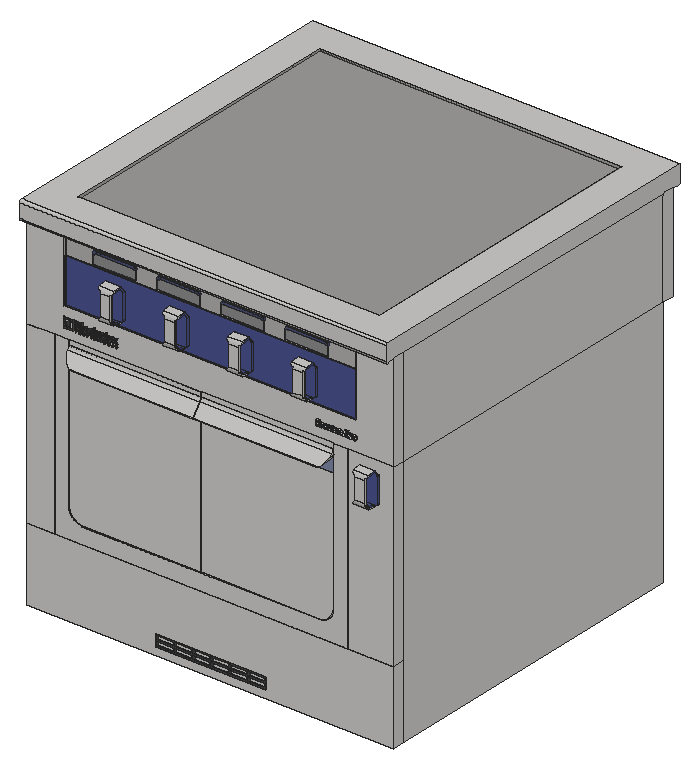
Revit family "QF_ELECTROLUXPROFESSIONAL_588436_MAIQFAH4AO", category Attrezzature speciali, Revit 2020 (continued)
Definition of nested family "Front_Panel_W800_4 Knobs"
  Definition of nested family "ELX_Professional_Logo_Small"
    Forms (mm)
      Extrusion 2, solid, material <- "Material_Logo"
        sketch origin (15.5, 0, 0) x (1, 0, 0) y (0, 1, 0)
          loop
            line (-36.666, 4.021) -> (-36.666, -3.573) -> (-34.188, -3.573) -> (-34.188, 10.824) -> (-36.666, 10.824) -> (-36.666, 4.021)
          loop
            spline (-21.915, 1.897) -> (-21.957, 2.615) -> (-22.082, 3.303) -> (-22.285, 3.955) -> (-22.563, 4.564) -> (-22.913, 5.124) -> (-23.331, 5.629) -> (-23.814, 6.074) -> (-24.359, 6.451) -> (-24.961, 6.755) -> (-25.618, 6.98) -> (-26.326, 7.119) -> (-27.081, 7.167)
            spline (-27.081, 7.167) -> (-27.853, 7.122) -> (-28.586, 6.99) -> (-29.275, 6.774) -> (-29.915, 6.478) -> (-30.5, 6.104) -> (-31.024, 5.657) -> (-31.483, 5.138) -> (-31.871, 4.553) -> (-32.182, 3.904) -> (-32.411, 3.194) -> (-32.552, 2.427) -> (-32.6, 1.606)
            spline (-32.6, 1.606) -> (-32.553, 0.805) -> (-32.416, 0.057) -> (-32.193, -0.637) -> (-31.887, -1.271) -> (-31.504, -1.843) -> (-31.048, -2.35) -> (-30.523, -2.788) -> (-29.934, -3.154) -> (-29.284, -3.444) -> (-28.579, -3.656) -> (-27.822, -3.785) -> (-27.019, -3.829)
            spline (-27.019, -3.829) -> (-26.627, -3.82) -> (-26.239, -3.79) -> (-25.856, -3.739) -> (-25.477, -3.663) -> (-25.103, -3.562) -> (-24.734, -3.432) -> (-24.369, -3.273) -> (-24.01, -3.082) -> (-23.655, -2.858) -> (-23.305, -2.597) -> (-22.96, -2.299) -> (-22.621, -1.962)
            line (-22.621, -1.962) -> (-24.114, -0.509)
            spline (-24.114, -0.509) -> (-24.311, -0.699) -> (-24.509, -0.872) -> (-24.71, -1.03) -> (-24.915, -1.172) -> (-25.126, -1.297) -> (-25.346, -1.407) -> (-25.576, -1.5) -> (-25.817, -1.576) -> (-26.072, -1.636) -> (-26.342, -1.678) -> (-26.629, -1.704) -> (-26.936, -1.713)
            spline (-26.936, -1.713) -> (-27.384, -1.691) -> (-27.805, -1.625) -> (-28.196, -1.518) -> (-28.556, -1.372) -> (-28.882, -1.187) -> (-29.174, -0.966) -> (-29.429, -0.71) -> (-29.645, -0.422) -> (-29.821, -0.102) -> (-29.955, 0.247) -> (-30.045, 0.623) -> (-30.089, 1.026)
            line (-30.089, 1.026) -> (-21.956, 1.026) -> (-21.915, 1.897)
          loop
            spline (-24.446, 2.769) -> (-24.47, 3.075) -> (-24.54, 3.37) -> (-24.654, 3.65) -> (-24.807, 3.913) -> (-24.996, 4.156) -> (-25.219, 4.376) -> (-25.472, 4.57) -> (-25.753, 4.736) -> (-26.057, 4.869) -> (-26.382, 4.968) -> (-26.724, 5.03) -> (-27.081, 5.051)
            spline (-27.081, 5.051) -> (-27.464, 5.03) -> (-27.832, 4.97) -> (-28.183, 4.872) -> (-28.513, 4.74) -> (-28.819, 4.577) -> (-29.099, 4.384) -> (-29.347, 4.165) -> (-29.563, 3.923) -> (-29.742, 3.659) -> (-29.881, 3.377) -> (-29.977, 3.079) -> (-30.027, 2.769)
            line (-30.027, 2.769) -> (-24.446, 2.769)
          loop
            spline (-18.167, 1.669) -> (-18.138, 2.13) -> (-18.055, 2.567) -> (-17.921, 2.978) -> (-17.739, 3.358) -> (-17.512, 3.705) -> (-17.243, 4.016) -> (-16.937, 4.287) -> (-16.596, 4.517) -> (-16.223, 4.7) -> (-15.823, 4.835) -> (-15.398, 4.919) -> (-14.951, 4.947)
            spline (-14.951, 4.947) -> (-14.677, 4.938) -> (-14.414, 4.913) -> (-14.162, 4.871) -> (-13.921, 4.812) -> (-13.69, 4.738) -> (-13.467, 4.649) -> (-13.254, 4.544) -> (-13.048, 4.424) -> (-12.85, 4.291) -> (-12.659, 4.143) -> (-12.474, 3.981) -> (-12.295, 3.806)
            line (-12.295, 3.806) -> (-10.76, 5.403)
            spline (-10.76, 5.403) -> (-11.065, 5.709) -> (-11.38, 5.984) -> (-11.703, 6.228) -> (-12.035, 6.443) -> (-12.375, 6.63) -> (-12.723, 6.788) -> (-13.078, 6.92) -> (-13.44, 7.026) -> (-13.809, 7.107) -> (-14.184, 7.164) -> (-14.564, 7.198) -> (-14.951, 7.209)
            spline (-14.951, 7.209) -> (-15.725, 7.161) -> (-16.467, 7.02) -> (-17.169, 6.792) -> (-17.826, 6.482) -> (-18.43, 6.096) -> (-18.976, 5.637) -> (-19.455, 5.112) -> (-19.862, 4.525) -> (-20.19, 3.882) -> (-20.433, 3.189) -> (-20.584, 2.449) -> (-20.635, 1.669)
            spline (-20.635, 1.669) -> (-20.584, 0.889) -> (-20.433, 0.149) -> (-20.19, -0.545) -> (-19.862, -1.187) -> (-19.455, -1.774) -> (-18.976, -2.299) -> (-18.43, -2.758) -> (-17.826, -3.145) -> (-17.169, -3.454) -> (-16.467, -3.682) -> (-15.725, -3.823) -> (-14.951, -3.871)
            spline (-14.951, -3.871) -> (-14.564, -3.86) -> (-14.184, -3.826) -> (-13.809, -3.77) -> (-13.44, -3.689) -> (-13.078, -3.583) -> (-12.723, -3.451) -> (-12.375, -3.292) -> (-12.035, -3.105) -> (-11.703, -2.89) -> (-11.38, -2.646) -> (-11.065, -2.371) -> (-10.76, -2.066)
            line (-10.76, -2.066) -> (-12.295, -0.468)
            spline (-12.295, -0.468) -> (-12.474, -0.643) -> (-12.659, -0.805) -> (-12.85, -0.953) -> (-13.048, -1.087) -> (-13.254, -1.206) -> (-13.467, -1.311) -> (-13.69, -1.4) -> (-13.921, -1.475) -> (-14.162, -1.533) -> (-14.414, -1.575) -> (-14.677, -1.6) -> (-14.951, -1.609)
            spline (-14.951, -1.609) -> (-15.398, -1.581) -> (-15.823, -1.497) -> (-16.223, -1.362) -> (-16.596, -1.179) -> (-16.937, -0.95) -> (-17.243, -0.678) -> (-17.512, -0.367) -> (-17.739, -0.02) -> (-17.921, 0.36) -> (-18.055, 0.771) -> (-18.138, 1.208) -> (-18.167, 1.669)
          loop
            spline (-4.441, -1.243) -> (-4.659, -1.247) -> (-4.894, -1.23) -> (-5.137, -1.19) -> (-5.384, -1.121) -> (-5.628, -1.021) -> (-5.864, -0.884) -> (-6.084, -0.708) -> (-6.283, -0.488) -> (-6.454, -0.219) -> (-6.592, 0.101) -> (-6.69, 0.478) -> (-6.742, 0.914)
            line (-6.742, 0.914) -> (-6.742, 4.587) -> (-4.487, 4.587) -> (-4.487, 6.838) -> (-6.738, 6.838) -> (-6.738, 10.824) -> (-9.217, 10.824) -> (-9.217, 0.773)
            spline (-9.217, 0.773) -> (-9.164, 0.19) -> (-9.068, -0.358) -> (-8.928, -0.87) -> (-8.742, -1.343) -> (-8.511, -1.777) -> (-8.232, -2.168) -> (-7.904, -2.515) -> (-7.527, -2.816) -> (-7.098, -3.069) -> (-6.618, -3.273) -> (-6.084, -3.426) -> (-5.496, -3.525)
            line (-5.496, -3.525) -> (-4.45, -3.573) -> (-4.441, -1.243)
          loop
            spline (3.898, 6.983) -> (3.469, 7.009) -> (3.056, 7.001) -> (2.661, 6.961) -> (2.283, 6.888) -> (1.925, 6.785) -> (1.588, 6.652) -> (1.272, 6.49) -> (0.979, 6.301) -> (0.71, 6.085) -> (0.465, 5.844) -> (0.247, 5.578) -> (0.056, 5.289)
            line (0.056, 5.289) -> (0.056, 6.838) -> (-2.402, 6.838) -> (-2.402, -3.572) -> (0.056, -3.572) -> (0.056, 1.901)
            spline (0.056, 1.901) -> (0.079, 2.316) -> (0.145, 2.703) -> (0.254, 3.06) -> (0.404, 3.386) -> (0.592, 3.679) -> (0.818, 3.938) -> (1.08, 4.162) -> (1.375, 4.348) -> (1.703, 4.495) -> (2.062, 4.602) -> (2.45, 4.668) -> (2.865, 4.69)
            line (2.865, 4.69) -> (3.898, 4.586) -> (3.898, 6.983)
          loop
            spline (15.638, 1.633) -> (15.586, 2.396) -> (15.435, 3.124) -> (15.192, 3.81) -> (14.863, 4.449) -> (14.455, 5.034) -> (13.975, 5.56) -> (13.43, 6.021) -> (12.826, 6.411) -> (12.17, 6.724) -> (11.469, 6.955) -> (10.729, 7.098) -> (9.958, 7.147)
            spline (9.958, 7.147) -> (9.182, 7.098) -> (8.44, 6.955) -> (7.737, 6.724) -> (7.081, 6.411) -> (6.477, 6.021) -> (5.933, 5.56) -> (5.454, 5.034) -> (5.048, 4.449) -> (4.721, 3.81) -> (4.479, 3.124) -> (4.329, 2.396) -> (4.277, 1.633)
            spline (4.277, 1.633) -> (4.329, 0.869) -> (4.479, 0.141) -> (4.721, -0.544) -> (5.048, -1.183) -> (5.454, -1.768) -> (5.933, -2.294) -> (6.477, -2.755) -> (7.081, -3.145) -> (7.737, -3.459) -> (8.44, -3.69) -> (9.182, -3.833) -> (9.958, -3.882)
            spline (9.958, -3.882) -> (10.729, -3.833) -> (11.469, -3.69) -> (12.17, -3.459) -> (12.826, -3.145) -> (13.43, -2.755) -> (13.975, -2.294) -> (14.455, -1.768) -> (14.863, -1.183) -> (15.192, -0.544) -> (15.435, 0.141) -> (15.586, 0.869) -> (15.638, 1.633)
          loop
            spline (13.18, 1.633) -> (13.151, 2.083) -> (13.067, 2.513) -> (12.932, 2.918) -> (12.748, 3.296) -> (12.52, 3.642) -> (12.251, 3.954) -> (11.943, 4.227) -> (11.601, 4.459) -> (11.228, 4.645) -> (10.828, 4.782) -> (10.403, 4.867) -> (9.958, 4.896)
            spline (9.958, 4.896) -> (9.509, 4.867) -> (9.081, 4.782) -> (8.679, 4.645) -> (8.306, 4.459) -> (7.964, 4.227) -> (7.658, 3.954) -> (7.39, 3.642) -> (7.163, 3.296) -> (6.981, 2.918) -> (6.847, 2.513) -> (6.765, 2.083) -> (6.736, 1.633)
            spline (6.736, 1.633) -> (6.765, 1.182) -> (6.847, 0.753) -> (6.981, 0.347) -> (7.163, -0.031) -> (7.39, -0.377) -> (7.658, -0.689) -> (7.964, -0.962) -> (8.306, -1.193) -> (8.679, -1.38) -> (9.081, -1.517) -> (9.509, -1.602) -> (9.958, -1.631)
            spline (9.958, -1.631) -> (10.403, -1.602) -> (10.828, -1.517) -> (11.228, -1.38) -> (11.601, -1.193) -> (11.943, -0.962) -> (12.251, -0.689) -> (12.52, -0.377) -> (12.748, -0.031) -> (12.932, 0.347) -> (13.067, 0.753) -> (13.151, 1.182) -> (13.18, 1.633)
          loop
            line (17.162, 4.269) -> (17.162, -3.573) -> (19.642, -3.573) -> (19.642, 10.824) -> (17.162, 10.824) -> (17.162, 4.269)
          loop
            line (28.581, 6.838) -> (28.581, 0.786)
            spline (28.581, 0.786) -> (28.561, 0.393) -> (28.503, 0.038) -> (28.409, -0.279) -> (28.281, -0.559) -> (28.122, -0.802) -> (27.933, -1.011) -> (27.717, -1.185) -> (27.476, -1.325) -> (27.213, -1.433) -> (26.929, -1.509) -> (26.626, -1.554) -> (26.308, -1.569)
            spline (26.308, -1.569) -> (25.99, -1.554) -> (25.688, -1.509) -> (25.404, -1.434) -> (25.141, -1.326) -> (24.9, -1.187) -> (24.684, -1.014) -> (24.496, -0.807) -> (24.336, -0.565) -> (24.209, -0.288) -> (24.115, 0.026) -> (24.057, 0.376) -> (24.037, 0.765)
            line (24.037, 0.765) -> (24.037, 6.838) -> (21.537, 6.838) -> (21.537, 0.558)
            spline (21.537, 0.558) -> (21.581, -0.153) -> (21.71, -0.8) -> (21.916, -1.384) -> (22.195, -1.904) -> (22.54, -2.362) -> (22.944, -2.757) -> (23.403, -3.09) -> (23.909, -3.362) -> (24.456, -3.572) -> (25.04, -3.722) -> (25.652, -3.811) -> (26.288, -3.841)
            spline (26.288, -3.841) -> (26.929, -3.811) -> (27.547, -3.72) -> (28.135, -3.568) -> (28.687, -3.355) -> (29.197, -3.079) -> (29.66, -2.741) -> (30.068, -2.341) -> (30.415, -1.877) -> (30.696, -1.349) -> (30.905, -0.757) -> (31.034, -0.101) -> (31.079, 0.621)
            line (31.079, 0.621) -> (31.079, 6.838) -> (28.581, 6.838)
          loop
            line (40.457, -0.243) -> (38.894, 1.942) -> (40.83, 4.579) -> (42.488, 6.837) -> (39.782, 6.837) -> (37.53, 3.719) -> (35.258, 6.837) -> (32.573, 6.837) -> (34.113, 4.731) -> (36.167, 1.922) -> (34.014, -1.076) -> (32.222, -3.573) -> (34.887, -3.573) -> (37.53, 0.104) -> (40.174, -3.573) -> (42.839, -3.573) -> (40.457, -0.243)
          loop
            line (-46.121, -5.837) -> (-48.039, -5.837) -> (-48.039, -10.814) -> (-47.016, -10.814) -> (-47.016, -9.128) -> (-46.121, -9.128)
            arc (-46.121, -9.128) -> (-44.476, -7.482) -> (-46.121, -5.837) r 1.645
          loop
            line (-46.163, -6.778) -> (-47.016, -6.778) -> (-47.016, -8.187) -> (-46.163, -8.187)
            arc (-46.163, -8.187) -> (-45.458, -7.482) -> (-46.163, -6.778) r 0.704
          loop
            line (-38.313, -5.837) -> (-40.265, -5.837) -> (-40.265, -10.814) -> (-39.241, -10.814) -> (-39.241, -9.1) -> (-38.46, -9.182) -> (-37.48, -10.814) -> (-36.318, -10.814) -> (-37.513, -8.848)
            arc (-37.513, -8.848) -> (-36.888, -8.266) -> (-36.671, -7.441) r 1.536
            arc (-36.671, -7.441) -> (-37.165, -6.305) -> (-38.313, -5.837) r 1.643
          loop
            arc (-38.402, -8.166) -> (-37.707, -7.505) -> (-38.334, -6.778) r 0.696
            line (-38.334, -6.778) -> (-39.241, -6.778) -> (-39.241, -8.166) -> (-38.402, -8.166)
          loop
            circle (-29.965, -8.325) r 2.585
          loop
            circle (-29.965, -8.325) r 1.64
          loop
            line (-23.1, -5.837) -> (-23.1, -10.814) -> (-22.076, -10.814) -> (-22.076, -8.768) -> (-20.204, -8.768) -> (-20.204, -7.828) -> (-22.076, -7.828) -> (-22.076, -6.778) -> (-20.024, -6.778) -> (-20.024, -5.837) -> (-23.1, -5.837)
          loop
            line (-15.802, -5.837) -> (-15.802, -9.2)
            arc (-15.802, -9.2) -> (-15.343, -10.34) -> (-14.209, -10.814) r 1.593
            line (-14.209, -10.814) -> (-12.602, -10.814) -> (-12.602, -10.027) -> (-14.004, -10.027)
            arc (-14.004, -10.027) -> (-14.552, -9.8) -> (-14.779, -9.252) r 0.775
            line (-14.779, -9.252) -> (-14.779, -8.424) -> (-12.789, -8.424) -> (-12.789, -7.642) -> (-14.779, -7.642) -> (-14.779, -6.778) -> (-12.651, -6.778) -> (-12.651, -5.837) -> (-15.802, -5.837)
          loop
            line (-5.909, -7.143) -> (-5.173, -6.638)
            arc (-5.173, -6.638) -> (-5.855, -5.974) -> (-6.781, -5.755) r 1.782
            arc (-6.781, -5.755) -> (-7.397, -5.878) -> (-7.944, -6.189) r 1.974
            arc (-7.944, -6.189) -> (-8.202, -6.5) -> (-8.317, -6.888) r 1.013
            arc (-8.317, -6.888) -> (-8.306, -7.341) -> (-8.192, -7.78) r 1.985
            arc (-8.192, -7.78) -> (-7.749, -8.259) -> (-7.171, -8.563) r 1.928
            arc (-7.171, -8.563) -> (-6.637, -8.779) -> (-6.131, -9.056) r 5.041
            arc (-6.131, -9.056) -> (-5.934, -9.387) -> (-6.09, -9.74) r 0.42
            arc (-6.09, -9.74) -> (-6.631, -9.96) -> (-7.204, -9.845) r 1.016
            arc (-7.204, -9.845) -> (-7.625, -9.603) -> (-7.889, -9.196) r 1.033
            line (-7.889, -9.196) -> (-8.67, -9.686)
            arc (-8.67, -9.686) -> (-8.361, -10.198) -> (-7.908, -10.589) r 1.914
            arc (-7.908, -10.589) -> (-7.334, -10.834) -> (-6.714, -10.896) r 2.063
            arc (-6.714, -10.896) -> (-5.947, -10.743) -> (-5.256, -10.376) r 2.696
            arc (-5.256, -10.376) -> (-4.95, -9.565) -> (-5.108, -8.712) r 1.618
            arc (-5.108, -8.712) -> (-5.448, -8.319) -> (-5.884, -8.035) r 1.876
            arc (-5.884, -8.035) -> (-6.434, -7.789) -> (-6.999, -7.577) r 9.883
            arc (-6.999, -7.577) -> (-7.325, -7.07) -> (-6.854, -6.694) r 0.45
            arc (-6.854, -6.694) -> (-6.329, -6.809) -> (-5.909, -7.143) r 1.197
          loop
            line (1.61, -7.143) -> (2.345, -6.638)
            arc (2.345, -6.638) -> (1.663, -5.974) -> (0.737, -5.755) r 1.782
            arc (0.737, -5.755) -> (0.121, -5.878) -> (-0.425, -6.189) r 1.974
            arc (-0.425, -6.189) -> (-0.683, -6.5) -> (-0.799, -6.888) r 1.013
            arc (-0.799, -6.888) -> (-0.788, -7.341) -> (-0.674, -7.78) r 1.985
            arc (-0.674, -7.78) -> (-0.231, -8.259) -> (0.347, -8.563) r 1.928
            arc (0.347, -8.563) -> (0.881, -8.779) -> (1.387, -9.056) r 5.041
            arc (1.387, -9.056) -> (1.584, -9.387) -> (1.428, -9.74) r 0.42
            arc (1.428, -9.74) -> (0.887, -9.96) -> (0.314, -9.845) r 1.016
            arc (0.314, -9.845) -> (-0.107, -9.603) -> (-0.371, -9.196) r 1.033
            line (-0.371, -9.196) -> (-1.152, -9.686)
            arc (-1.152, -9.686) -> (-0.842, -10.198) -> (-0.39, -10.589) r 1.914
            arc (-0.39, -10.589) -> (0.184, -10.834) -> (0.804, -10.896) r 2.063
            arc (0.804, -10.896) -> (1.572, -10.743) -> (2.263, -10.376) r 2.696
            arc (2.263, -10.376) -> (2.568, -9.565) -> (2.411, -8.712) r 1.618
            arc (2.411, -8.712) -> (2.07, -8.319) -> (1.635, -8.035) r 1.876
            arc (1.635, -8.035) -> (1.084, -7.789) -> (0.519, -7.577) r 9.883
            arc (0.519, -7.577) -> (0.193, -7.07) -> (0.665, -6.694) r 0.45
            arc (0.665, -6.694) -> (1.189, -6.809) -> (1.61, -7.143) r 1.197
          loop
            line (6.801, -5.837) -> (6.801, -10.814) -> (7.825, -10.814) -> (7.825, -5.837) -> (6.801, -5.837)
          loop
            circle (14.724, -8.325) r 1.548
          loop
            circle (14.724, -8.325) r 2.585
          loop
            line (21.59, -10.814) -> (22.623, -10.814) -> (22.623, -7.685) -> (24.9, -10.814) -> (25.895, -10.814) -> (25.895, -5.837) -> (24.861, -5.837) -> (24.861, -9.061) -> (22.585, -5.837) -> (21.59, -5.837) -> (21.59, -10.814)
          loop
            line (31.054, -10.814) -> (31.539, -9.74) -> (33.38, -9.74) -> (33.865, -10.814) -> (34.965, -10.814) -> (32.46, -5.837) -> (29.956, -10.814) -> (31.054, -10.814)
          loop
            line (32.46, -7.698) -> (31.999, -8.719) -> (32.921, -8.719) -> (32.46, -7.698)
          loop
            line (40.047, -9.873) -> (40.047, -5.837) -> (39.024, -5.837) -> (39.024, -10.814) -> (41.961, -10.814) -> (41.961, -9.873) -> (40.047, -9.873)
          loop
            line (-74.986, -10.814) -> (-53.322, -10.814) -> (-53.322, 10.82) -> (-74.986, 10.82) -> (-74.986, -10.814)
          loop
            line (-61.261, 9.758) -> (-61.261, -9.707)
            arc (-61.261, -9.707) -> (-54.066, 0.025) -> (-61.261, 9.758) r 10.18
          loop
            line (-62.251, 8.349) -> (-62.251, 9.758)
            arc (-62.251, 9.758) -> (-70.347, 7.918) -> (-74.247, 0.59) r 9.976
            line (-74.247, 0.59) -> (-71.026, 0.59)
            arc (-71.026, 0.59) -> (-65.274, 2.925) -> (-62.251, 8.349) r 9.351
          loop
            arc (-74.247, -0.539) -> (-70.353, -7.928) -> (-62.251, -9.957) r 10.237
            line (-62.251, -9.957) -> (-62.251, -8.298)
            arc (-62.251, -8.298) -> (-65.274, -2.874) -> (-71.026, -0.539) r 9.351
            line (-71.026, -0.539) -> (-74.247, -0.539)
        from 0 to 1.644
    Dimensions and locks
      aligned and locked: plane 2 to Extrusion 1
      aligned and locked: level to Extrusion 1
